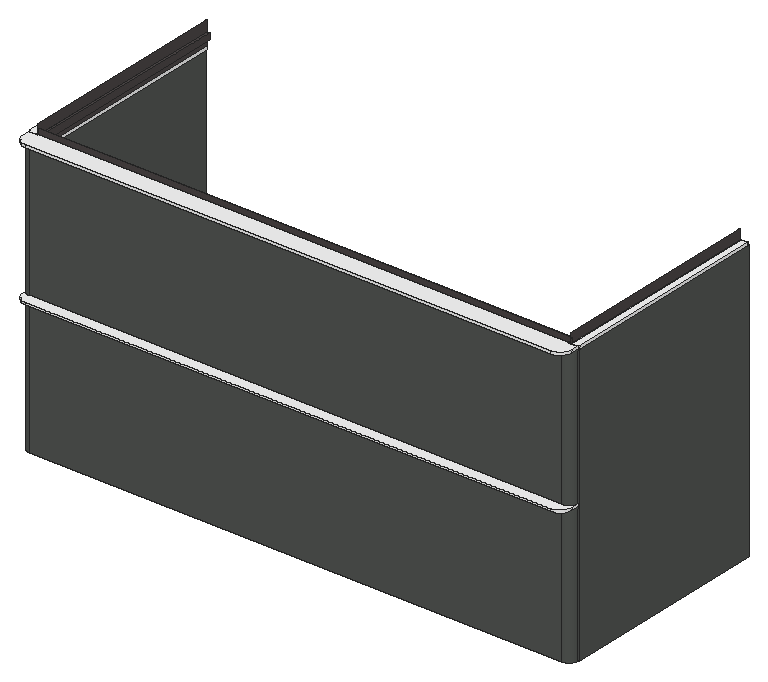
Revit family "vanity unit with 2 drawers", category Furniture, Revit 2019 (continued)
Definition of nested family "vanity unit 580_475 with 2 drawers for washbasin-54023000-high gloss white-chrome-400_content"
  Forms (mm)
    Extrusion 10, solid, visible <- "ContentVisible", detail levels medium+fine
      sketch origin (0, 0, 0) x (0, 0, -1) y (0, 1, 0)
        loop
          line (-600, -453.5) -> (-600, -455) -> (-570, -455) -> (-570, -453.5) -> (-600, -453.5)
      from -268.5 to 268.5
    Extrusion 11, solid, visible <- "ContentVisible", detail levels medium+fine
      sketch origin (0, 0, 0) x (1, 0, 0) y (0, 0, -1)
        loop
          line (-274, -566.8) -> (-274, -605) -> (-272.5, -605) -> (-272.5, -566.8) -> (-274, -566.8)
      from -455 to 0
    Extrusion 12, solid, visible <- "ContentVisible", detail levels medium+fine
      sketch origin (0, 0, 0) x (1, 0, 0) y (0, 0, -1)
        loop
          line (272.5, -566.8) -> (272.5, -605) -> (274, -605) -> (274, -566.8) -> (272.5, -566.8)
      from -455 to 0
    Extrusion 13, solid, visible <- "ContentVisible", detail levels medium+fine
      sketch origin (0, 0, 600) x (1, 0, 0) y (0, 1, 0)
        loop
          line (-290, -3) -> (-290, -452)
          arc (-290, -452) -> (-289.121, -454.121) -> (-287, -455) r 3
          line (-287, -455) -> (-274, -455) -> (-274, 0) -> (-287, 0)
          arc (-287, 0) -> (-289.121, -0.879) -> (-290, -3) r 3
      from 0 to 5
    Extrusion 14, solid, visible <- "ContentVisible", detail levels medium+fine
      sketch origin (0, 0, 600) x (1, 0, 0) y (0, 1, 0)
        loop
          line (274, 0) -> (274, -455) -> (287, -455)
          arc (287, -455) -> (289.121, -454.121) -> (290, -452) r 3
          line (290, -452) -> (290, -3)
          arc (290, -3) -> (289.121, -0.879) -> (287, 0) r 3
          line (287, 0) -> (274, 0)
      from 0 to 5
    Extrusion 15, solid, visible <- "ContentVisible", detail levels medium+fine
      sketch origin (0, 0, 0) x (1, 0, 0) y (0, 0, -1)
        loop
          line (-272.5, -575.3) -> (-272.5, -624.5) -> (-271, -624.5) -> (-271, -602.8) -> (-266.4, -602.8) -> (-266.4, -588.3) -> (-271, -588.3) -> (-271, -575.3) -> (-272.5, -575.3)
      from -453.5 to 0
    Extrusion 16, solid, visible <- "ContentVisible", detail levels medium+fine
      sketch origin (0, 0, 0) x (1, 0, 0) y (0, 0, -1)
        loop
          line (266.4, -588.3) -> (266.4, -602.8) -> (271, -602.8) -> (271, -624.5) -> (272.5, -624.5) -> (272.5, -575.3) -> (271, -575.3) -> (271, -588.3) -> (266.4, -588.3)
      from -453.5 to 0
    Extrusion 17, solid, visible <- "ContentVisible", detail levels medium+fine
      sketch origin (0, 0, 0) x (0, 0, -1) y (0, 1, 0)
        loop
          line (-616, -453.5) -> (-567, -453.5) -> (-567, -452) -> (-588.5, -452) -> (-588.5, -447.4) -> (-603, -447.4) -> (-603, -452) -> (-616, -452) -> (-616, -453.5)
      from -272.5 to 272.5
    Extrusion 18, solid, visible <- "ContentVisible", detail levels coarse
      sketch origin (0, -248, 0) x (1, 0, 0) y (0, 1, 0)
        loop
          line (-290, -248) -> (290, -248) -> (290, 248) -> (-290, 248) -> (-290, -248)
      from 0 to 624.5
  Dimensions and locks
    aligned and locked: level to plane 2
Definition of nested family "vanity unit 580_475 with 2 drawers for washbasin-54023670-high gloss white-matt_black-200_content"
  Parameters (values of type "Vanity unit 580_475 with 2 drawers for washbasin-54023670-High Gloss White-MATT_BLACK-200_Content")
    etim7_EC011381 = "EC011381"
    WEIGHT = "28.2"
    UNSPSC = "56 | Furniture and Furnishings"
    UNIFORMATII = "E2010 | Fixed Furnishings"
    UNICLASS_2015_CODE = "40_30_78_05"
    UNICLASS2015 = "Pr_40_30_78_05 | Bathroom furniture"
    SURFACE = "MATT_BLACK"
    REGIONSET = "Worldwide"
    PRODUCTURL = "https://pro.hansgrohe.com/articledetail--54023000"
    PRODUCTGROUP = "vanity unit"
    PRODUCTFAMILY = "Xelu Q"
    PERMALINK = "54023XXX"
    OMNICLASS = "23-21 19 15 33 13 | Residential Bathroom Specialty Casework"
    OBJECTTYPE = "Object (single object)"
    OBERFLAECHE = "High Gloss White"
    NN = "Vanity Unit with 2 Drawers"
    NBSYN = "$BASENUMBER.-$ARTNR.-$OBERFLAECHE.-$SURFACE.-$LODLEVEL."
    NB = "Vanity unit 580/475 with 2 drawers for washbasin-54023670-High Gloss White-MATT_BLACK-200"
    NAME = "Xelu Q Vanity unit High Gloss White 580/475 with 2 drawers for washbasin"
    Model = "Vanity unit 580/475 with 2 drawers for washbasin-54023670-High Gloss White-MATT_BLACK-200"
    Manufacturer = "Hansgrohe"
    MASTERFORMAT = "12 35 30.23 | Bathroom Casework"
    LODLEVEL = "200"
    LINA = "Vanity unit 580/475 with 2 drawers for washbasin-54023670-High Gloss White-MATT_BLACK-200"
    L = 580
    IFC = "Furnishing element"
    GTINCODE = "4059625455166"
    ETIM = "EC011381 | Bathroom furniture set"
    Default Elevation = 1219.2 mm
    DESIGN = "Germany"
    ContentVisible [instance] = yes
    CATALOG = "Hansgrohe"
    BIMOBJECT = "Sanitary: Compound units"
    BASENUMBER = "Vanity unit 580/475 with 2 drawers for washbasin"
    ARTNR = "54023670"
  Reference planes
    plane 1 "Center (Front/Back)": y = 0
    plane 2: z = 0
    plane 3 "Center (Left/Right)": x = 0
  Forms (mm)
    Extrusion 1, solid, visible <- "ContentVisible", detail levels medium+fine
      sketch origin (0, 0, 0) x (1, 0, 0) y (0, 1, 0)
        loop
          line (-290, 0) -> (-290, -476) -> (290, -476) -> (290, 0) -> (274, 0) -> (274, -72) -> (-274, -72) -> (-274, 0) -> (-290, 0)
      from 0 to 600
    Extrusion 2, solid, visible <- "ContentVisible", detail levels medium+fine
      sketch origin (0, 0, 297) x (1, 0, 0) y (0, 1, 0)
        loop
          line (-288.5, -453.5) -> (-288.5, -496) -> (288.5, -496) -> (288.5, -453.5) -> (-288.5, -453.5)
      from 0 to 5
    Extrusion 3, solid, visible <- "ContentVisible", detail levels medium+fine
      sketch origin (0, 0, 600) x (1, 0, 0) y (0, 1, 0)
        loop
          line (-288.5, -453.5) -> (-288.5, -496) -> (288.5, -496) -> (288.5, -453.5) -> (-288.5, -453.5)
      from 0 to 5
    Extrusion 4, solid, visible <- "ContentVisible", detail levels medium+fine
      sketch origin (0, 0, 0) x (1, 0, 0) y (0, 0, -1)
        loop
          line (-274, -566.8) -> (-274, -605) -> (-272.5, -605) -> (-272.5, -566.8) -> (-274, -566.8)
      from -455 to 0
    Extrusion 5, solid, visible <- "ContentVisible", detail levels medium+fine
      sketch origin (0, 0, 0) x (1, 0, 0) y (0, 0, -1)
        loop
          line (272.5, -566.8) -> (272.5, -605) -> (274, -605) -> (274, -566.8) -> (272.5, -566.8)
      from -455 to 0
    Extrusion 6, solid, visible <- "ContentVisible", detail levels medium+fine
      sketch origin (0, 0, 600) x (1, 0, 0) y (0, 1, 0)
        loop
          line (-290, 0) -> (-290, -455) -> (-274, -455) -> (-274, 0) -> (-290, 0)
      from 0 to 5
    Extrusion 7, solid, visible <- "ContentVisible", detail levels medium+fine
      sketch origin (0, 0, 600) x (1, 0, 0) y (0, 1, 0)
        loop
          line (274, 0) -> (274, -455) -> (290, -455) -> (290, 0) -> (274, 0)
      from 0 to 5
    Extrusion 8, solid, visible <- "ContentVisible", detail levels medium+fine
      sketch origin (0, 0, 0) x (1, 0, 0) y (0, 0, -1)
        loop
          line (-272.5, -575.3) -> (-272.5, -624.5) -> (-266.4, -624.5) -> (-266.4, -575.3) -> (-272.5, -575.3)
      from -453.5 to 0
    Extrusion 9, solid, visible <- "ContentVisible", detail levels medium+fine
      sketch origin (0, 0, 0) x (1, 0, 0) y (0, 0, -1)
        loop
          line (266.4, -575.3) -> (266.4, -624.5) -> (272.5, -624.5) -> (272.5, -575.3) -> (266.4, -575.3)
      from -453.5 to 0
    Extrusion 10, solid, visible <- "ContentVisible", detail levels medium+fine
      sketch origin (0, 0, 0) x (0, 0, -1) y (0, 1, 0)
        loop
          line (-616, -453.5) -> (-567, -453.5) -> (-567, -447.4) -> (-616, -447.4) -> (-616, -453.5)
      from -272.5 to 272.5
    Extrusion 11, solid, visible <- "ContentVisible", detail levels coarse
      sketch origin (0, -248, 0) x (1, 0, 0) y (0, 1, 0)
        loop
          line (-290, -248) -> (290, -248) -> (290, 248) -> (-290, 248) -> (-290, -248)
      from 0 to 624.5
  Dimensions and locks
    aligned and locked: level to plane 2
Definition of nested family "vanity unit 580_475 with 2 drawers for washbasin-54023670-high gloss white-matt_black-400_content"
  Parameters (values of type "Vanity unit 580_475 with 2 drawers for washbasin-54023670-High Gloss White-MATT_BLACK-400_Content")
    etim7_EC011381 = "EC011381"
    WEIGHT = "28.2"
    UNSPSC = "56 | Furniture and Furnishings"
    UNIFORMATII = "E2010 | Fixed Furnishings"
    UNICLASS_2015_CODE = "40_30_78_05"
    UNICLASS2015 = "Pr_40_30_78_05 | Bathroom furniture"
    SURFACE = "MATT_BLACK"
    REGIONSET = "Worldwide"
    PRODUCTURL = "https://pro.hansgrohe.com/articledetail--54023000"
    PRODUCTGROUP = "vanity unit"
    PRODUCTFAMILY = "Xelu Q"
    PERMALINK = "54023XXX"
    OMNICLASS = "23-21 19 15 33 13 | Residential Bathroom Specialty Casework"
    OBJECTTYPE = "Object (single object)"
    OBERFLAECHE = "High Gloss White"
    NN = "Vanity Unit with 2 Drawers"
    NBSYN = "$BASENUMBER.-$ARTNR.-$OBERFLAECHE.-$SURFACE.-$LODLEVEL."
    NB = "Vanity unit 580/475 with 2 drawers for washbasin-54023670-High Gloss White-MATT_BLACK-400"
    NAME = "Xelu Q Vanity unit High Gloss White 580/475 with 2 drawers for washbasin"
    Model = "Vanity unit 580/475 with 2 drawers for washbasin-54023670-High Gloss White-MATT_BLACK-400"
    Manufacturer = "Hansgrohe"
    MASTERFORMAT = "12 35 30.23 | Bathroom Casework"
    LODLEVEL = "400"
    LINA = "Vanity unit 580/475 with 2 drawers for washbasin-54023670-High Gloss White-MATT_BLACK-400"
    L = 580
    IFC = "Furnishing element"
    GTINCODE = "4059625455166"
    ETIM = "EC011381 | Bathroom furniture set"
    Default Elevation = 1219.2 mm
    DESIGN = "Germany"
    ContentVisible [instance] = yes
    CATALOG = "Hansgrohe"
    BIMOBJECT = "Sanitary: Compound units"
    BASENUMBER = "Vanity unit 580/475 with 2 drawers for washbasin"
    ARTNR = "54023670"
  Reference planes
    plane 1 "Center (Front/Back)": y = 0
    plane 2: z = 0
    plane 3 "Center (Left/Right)": x = 0
  Forms (mm)
    Extrusion 1, solid, visible <- "ContentVisible", detail levels medium+fine
      sketch origin (0, 0, 0) x (1, 0, 0) y (0, 1, 0)
        loop
          line (-290, 0) -> (-290, -452)
          arc (-290, -452) -> (-289.121, -454.121) -> (-287, -455) r 3
          line (-287, -455) -> (-274, -455) -> (-274, 0) -> (-290, 0)
      from 0 to 600
    Extrusion 2, solid, visible <- "ContentVisible", detail levels medium+fine
      sketch origin (0, 0, 2) x (1, 0, 0) y (0, 1, 0)
        loop
          line (-274, -88) -> (-274, -455) -> (274, -455) -> (274, -88) -> (-274, -88)
      from 0 to 16
    Extrusion 3, solid, visible <- "ContentVisible", detail levels medium+fine
      sketch origin (0, 0, 0) x (1, 0, 0) y (0, 1, 0)
        loop
          line (274, 0) -> (274, -455) -> (287, -455)
          arc (287, -455) -> (289.121, -454.121) -> (290, -452) r 3
          line (290, -452) -> (290, 0) -> (274, 0)
      from 0 to 600
    Extrusion 4, solid, visible <- "ContentVisible", detail levels medium+fine
      sketch origin (0, 0, 2) x (1, 0, 0) y (0, 1, 0)
        loop
          line (-274, -72) -> (-274, -88) -> (274, -88) -> (274, -72) -> (-274, -72)
      from 0 to 126
    Extrusion 5, solid, visible <- "ContentVisible", detail levels medium+fine
      sketch origin (0, 0, 2) x (1, 0, 0) y (0, 1, 0)
        loop
          arc (-290, -457) -> (-284.435, -470.435) -> (-271, -476) r 19
          line (-271, -476) -> (271, -476)
          arc (271, -476) -> (284.435, -470.435) -> (290, -457) r 19
          line (290, -457) -> (290, -455) -> (-290, -455) -> (-290, -457)
      from 0 to 295
    Extrusion 6, solid, visible <- "ContentVisible", detail levels medium+fine
      sketch origin (0, 0, 305) x (1, 0, 0) y (0, 1, 0)
        loop
          arc (-290, -457) -> (-284.435, -470.435) -> (-271, -476) r 19
          line (-271, -476) -> (271, -476)
          arc (271, -476) -> (284.435, -470.435) -> (290, -457) r 19
          line (290, -457) -> (290, -455) -> (-290, -455) -> (-290, -457)
      from 0 to 295
    Extrusion 7, solid, visible <- "ContentVisible", detail levels medium+fine
      sketch origin (0, 0, 297) x (1, 0, 0) y (0, 1, 0)
        loop
          line (-288.5, -455) -> (-288.5, -471)
          arc (-288.5, -471) -> (-281.178, -488.678) -> (-263.5, -496) r 25
          line (-263.5, -496) -> (263.5, -496)
          arc (263.5, -496) -> (281.178, -488.678) -> (288.5, -471) r 25
          line (288.5, -471) -> (288.5, -455) -> (268.5, -455) -> (268.5, -453.5) -> (-268.5, -453.5) -> (-268.5, -455) -> (-288.5, -455)
      from 0 to 5
    Extrusion 8, solid, visible <- "ContentVisible", detail levels medium+fine
      sketch origin (0, 0, 0) x (0, 0, -1) y (0, 1, 0)
        loop
          line (-297, -453.5) -> (-297, -455) -> (-267, -455) -> (-267, -453.5) -> (-297, -453.5)
      from -268.5 to 268.5
    Extrusion 9, solid, visible <- "ContentVisible", detail levels medium+fine
      sketch origin (0, 0, 600) x (1, 0, 0) y (0, 1, 0)
        loop
          line (-288.5, -455) -> (-288.5, -471)
          arc (-288.5, -471) -> (-281.178, -488.678) -> (-263.5, -496) r 25
          line (-263.5, -496) -> (263.5, -496)
          arc (263.5, -496) -> (281.178, -488.678) -> (288.5, -471) r 25
          line (288.5, -471) -> (288.5, -455) -> (268.5, -455) -> (268.5, -453.5) -> (-268.5, -453.5) -> (-268.5, -455) -> (-288.5, -455)
      from 0 to 5
    Extrusion 10, solid, visible <- "ContentVisible", detail levels medium+fine
      sketch origin (0, 0, 0) x (0, 0, -1) y (0, 1, 0)
        loop
          line (-600, -453.5) -> (-600, -455) -> (-570, -455) -> (-570, -453.5) -> (-600, -453.5)
      from -268.5 to 268.5
    Extrusion 11, solid, visible <- "ContentVisible", detail levels medium+fine
      sketch origin (0, 0, 0) x (1, 0, 0) y (0, 0, -1)
        loop
          line (-274, -566.8) -> (-274, -605) -> (-272.5, -605) -> (-272.5, -566.8) -> (-274, -566.8)
      from -455 to 0
    Extrusion 12, solid, visible <- "ContentVisible", detail levels medium+fine
      sketch origin (0, 0, 0) x (1, 0, 0) y (0, 0, -1)
        loop
          line (272.5, -566.8) -> (272.5, -605) -> (274, -605) -> (274, -566.8) -> (272.5, -566.8)
      from -455 to 0
    Extrusion 13, solid, visible <- "ContentVisible", detail levels medium+fine
      sketch origin (0, 0, 600) x (1, 0, 0) y (0, 1, 0)
        loop
          line (-290, -3) -> (-290, -452)
          arc (-290, -452) -> (-289.121, -454.121) -> (-287, -455) r 3
          line (-287, -455) -> (-274, -455) -> (-274, 0) -> (-287, 0)
          arc (-287, 0) -> (-289.121, -0.879) -> (-290, -3) r 3
      from 0 to 5
    Extrusion 14, solid, visible <- "ContentVisible", detail levels medium+fine
      sketch origin (0, 0, 600) x (1, 0, 0) y (0, 1, 0)
        loop
          line (274, 0) -> (274, -455) -> (287, -455)
          arc (287, -455) -> (289.121, -454.121) -> (290, -452) r 3
          line (290, -452) -> (290, -3)
          arc (290, -3) -> (289.121, -0.879) -> (287, 0) r 3
          line (287, 0) -> (274, 0)
      from 0 to 5
    Extrusion 15, solid, visible <- "ContentVisible", detail levels medium+fine
      sketch origin (0, 0, 0) x (1, 0, 0) y (0, 0, -1)
        loop
          line (-272.5, -575.3) -> (-272.5, -624.5) -> (-271, -624.5) -> (-271, -602.8) -> (-266.4, -602.8) -> (-266.4, -588.3) -> (-271, -588.3) -> (-271, -575.3) -> (-272.5, -575.3)
      from -453.5 to 0
    Extrusion 16, solid, visible <- "ContentVisible", detail levels medium+fine
      sketch origin (0, 0, 0) x (1, 0, 0) y (0, 0, -1)
        loop
          line (266.4, -588.3) -> (266.4, -602.8) -> (271, -602.8) -> (271, -624.5) -> (272.5, -624.5) -> (272.5, -575.3) -> (271, -575.3) -> (271, -588.3) -> (266.4, -588.3)
      from -453.5 to 0
    Extrusion 17, solid, visible <- "ContentVisible", detail levels medium+fine
      sketch origin (0, 0, 0) x (0, 0, -1) y (0, 1, 0)
        loop
          line (-616, -453.5) -> (-567, -453.5) -> (-567, -452) -> (-588.5, -452) -> (-588.5, -447.4) -> (-603, -447.4) -> (-603, -452) -> (-616, -452) -> (-616, -453.5)
      from -272.5 to 272.5
    Extrusion 18, solid, visible <- "ContentVisible", detail levels coarse
      sketch origin (0, -248, 0) x (1, 0, 0) y (0, 1, 0)
        loop
          line (-290, -248) -> (290, -248) -> (290, 248) -> (-290, 248) -> (-290, -248)
      from 0 to 624.5
  Dimensions and locks
    aligned and locked: level to plane 2
Definition of nested family "vanity unit 580_475 with 2 drawers for washbasin-54023700-high gloss white-matt_white-200_content"
  Parameters (values of type "Vanity unit 580_475 with 2 drawers for washbasin-54023700-High Gloss White-MATT_WHITE-200_Content")
    etim7_EC011381 = "EC011381"
    WEIGHT = "28.2"
    UNSPSC = "56 | Furniture and Furnishings"
    UNIFORMATII = "E2010 | Fixed Furnishings"
    UNICLASS_2015_CODE = "40_30_78_05"
    UNICLASS2015 = "Pr_40_30_78_05 | Bathroom furniture"
    SURFACE = "MATT_WHITE"
    REGIONSET = "Worldwide"
    PRODUCTURL = "https://pro.hansgrohe.com/articledetail--54023000"
    PRODUCTGROUP = "vanity unit"
    PRODUCTFAMILY = "Xelu Q"
    PERMALINK = "54023XXX"
    OMNICLASS = "23-21 19 15 33 13 | Residential Bathroom Specialty Casework"
    OBJECTTYPE = "Object (single object)"
    OBERFLAECHE = "High Gloss White"
    NN = "Vanity Unit with 2 Drawers"
    NBSYN = "$BASENUMBER.-$ARTNR.-$OBERFLAECHE.-$SURFACE.-$LODLEVEL."
    NB = "Vanity unit 580/475 with 2 drawers for washbasin-54023700-High Gloss White-MATT_WHITE-200"
    NAME = "Xelu Q Vanity unit High Gloss White 580/475 with 2 drawers for washbasin"
    Model = "Vanity unit 580/475 with 2 drawers for washbasin-54023700-High Gloss White-MATT_WHITE-200"
    Manufacturer = "Hansgrohe"
    MASTERFORMAT = "12 35 30.23 | Bathroom Casework"
    LODLEVEL = "200"
    LINA = "Vanity unit 580/475 with 2 drawers for washbasin-54023700-High Gloss White-MATT_WHITE-200"
    L = 580
    IFC = "Furnishing element"
    GTINCODE = "4059625455166"
    ETIM = "EC011381 | Bathroom furniture set"
    Default Elevation = 1219.2 mm
    DESIGN = "Germany"
    ContentVisible [instance] = yes
    CATALOG = "Hansgrohe"
    BIMOBJECT = "Sanitary: Compound units"
    BASENUMBER = "Vanity unit 580/475 with 2 drawers for washbasin"
    ARTNR = "54023700"
  Reference planes
    plane 1 "Center (Front/Back)": y = 0
    plane 2: z = 0
    plane 3 "Center (Left/Right)": x = 0
  Forms (mm)
    Extrusion 1, solid, visible <- "ContentVisible", detail levels medium+fine
      sketch origin (0, 0, 0) x (1, 0, 0) y (0, 1, 0)
        loop
          line (-290, 0) -> (-290, -476) -> (290, -476) -> (290, 0) -> (274, 0) -> (274, -72) -> (-274, -72) -> (-274, 0) -> (-290, 0)
      from 0 to 600
    Extrusion 2, solid, visible <- "ContentVisible", detail levels medium+fine
      sketch origin (0, 0, 297) x (1, 0, 0) y (0, 1, 0)
        loop
          line (-288.5, -453.5) -> (-288.5, -496) -> (288.5, -496) -> (288.5, -453.5) -> (-288.5, -453.5)
      from 0 to 5
    Extrusion 3, solid, visible <- "ContentVisible", detail levels medium+fine
      sketch origin (0, 0, 600) x (1, 0, 0) y (0, 1, 0)
        loop
          line (-288.5, -453.5) -> (-288.5, -496) -> (288.5, -496) -> (288.5, -453.5) -> (-288.5, -453.5)
      from 0 to 5
    Extrusion 4, solid, visible <- "ContentVisible", detail levels medium+fine
      sketch origin (0, 0, 0) x (1, 0, 0) y (0, 0, -1)
        loop
          line (-274, -566.8) -> (-274, -605) -> (-272.5, -605) -> (-272.5, -566.8) -> (-274, -566.8)
      from -455 to 0
    Extrusion 5, solid, visible <- "ContentVisible", detail levels medium+fine
      sketch origin (0, 0, 0) x (1, 0, 0) y (0, 0, -1)
        loop
          line (272.5, -566.8) -> (272.5, -605) -> (274, -605) -> (274, -566.8) -> (272.5, -566.8)
      from -455 to 0
    Extrusion 6, solid, visible <- "ContentVisible", detail levels medium+fine
      sketch origin (0, 0, 600) x (1, 0, 0) y (0, 1, 0)
        loop
          line (-290, 0) -> (-290, -455) -> (-274, -455) -> (-274, 0) -> (-290, 0)
      from 0 to 5
    Extrusion 7, solid, visible <- "ContentVisible", detail levels medium+fine
      sketch origin (0, 0, 600) x (1, 0, 0) y (0, 1, 0)
        loop
          line (274, 0) -> (274, -455) -> (290, -455) -> (290, 0) -> (274, 0)
      from 0 to 5
    Extrusion 8, solid, visible <- "ContentVisible", detail levels medium+fine
      sketch origin (0, 0, 0) x (1, 0, 0) y (0, 0, -1)
        loop
          line (-272.5, -575.3) -> (-272.5, -624.5) -> (-266.4, -624.5) -> (-266.4, -575.3) -> (-272.5, -575.3)
      from -453.5 to 0
    Extrusion 9, solid, visible <- "ContentVisible", detail levels medium+fine
      sketch origin (0, 0, 0) x (1, 0, 0) y (0, 0, -1)
        loop
          line (266.4, -575.3) -> (266.4, -624.5) -> (272.5, -624.5) -> (272.5, -575.3) -> (266.4, -575.3)
      from -453.5 to 0
    Extrusion 10, solid, visible <- "ContentVisible", detail levels medium+fine
      sketch origin (0, 0, 0) x (0, 0, -1) y (0, 1, 0)
        loop
          line (-616, -453.5) -> (-567, -453.5) -> (-567, -447.4) -> (-616, -447.4) -> (-616, -453.5)
      from -272.5 to 272.5
    Extrusion 11, solid, visible <- "ContentVisible", detail levels coarse
      sketch origin (0, -248, 0) x (1, 0, 0) y (0, 1, 0)
        loop
          line (-290, -248) -> (290, -248) -> (290, 248) -> (-290, 248) -> (-290, -248)
      from 0 to 624.5
  Dimensions and locks
    aligned and locked: level to plane 2
Definition of nested family "vanity unit 580_475 with 2 drawers for washbasin-54023700-high gloss white-matt_white-400_content"
  Parameters (values of type "Vanity unit 580_475 with 2 drawers for washbasin-54023700-High Gloss White-MATT_WHITE-400_Content")
    etim7_EC011381 = "EC011381"
    WEIGHT = "28.2"
    UNSPSC = "56 | Furniture and Furnishings"
    UNIFORMATII = "E2010 | Fixed Furnishings"
    UNICLASS_2015_CODE = "40_30_78_05"
    UNICLASS2015 = "Pr_40_30_78_05 | Bathroom furniture"
    SURFACE = "MATT_WHITE"
    REGIONSET = "Worldwide"
    PRODUCTURL = "https://pro.hansgrohe.com/articledetail--54023000"
    PRODUCTGROUP = "vanity unit"
    PRODUCTFAMILY = "Xelu Q"
    PERMALINK = "54023XXX"
    OMNICLASS = "23-21 19 15 33 13 | Residential Bathroom Specialty Casework"
    OBJECTTYPE = "Object (single object)"
    OBERFLAECHE = "High Gloss White"
    NN = "Vanity Unit with 2 Drawers"
    NBSYN = "$BASENUMBER.-$ARTNR.-$OBERFLAECHE.-$SURFACE.-$LODLEVEL."
    NB = "Vanity unit 580/475 with 2 drawers for washbasin-54023700-High Gloss White-MATT_WHITE-400"
    NAME = "Xelu Q Vanity unit High Gloss White 580/475 with 2 drawers for washbasin"
    Model = "Vanity unit 580/475 with 2 drawers for washbasin-54023700-High Gloss White-MATT_WHITE-400"
    Manufacturer = "Hansgrohe"
    MASTERFORMAT = "12 35 30.23 | Bathroom Casework"
    LODLEVEL = "400"
    LINA = "Vanity unit 580/475 with 2 drawers for washbasin-54023700-High Gloss White-MATT_WHITE-400"
    L = 580
    IFC = "Furnishing element"
    GTINCODE = "4059625455166"
    ETIM = "EC011381 | Bathroom furniture set"
    Default Elevation = 1219.2 mm
    DESIGN = "Germany"
    ContentVisible [instance] = yes
    CATALOG = "Hansgrohe"
    BIMOBJECT = "Sanitary: Compound units"
    BASENUMBER = "Vanity unit 580/475 with 2 drawers for washbasin"
    ARTNR = "54023700"
  Reference planes
    plane 1 "Center (Front/Back)": y = 0
    plane 2: z = 0
    plane 3 "Center (Left/Right)": x = 0
  Forms (mm)
    Extrusion 1, solid, visible <- "ContentVisible", detail levels medium+fine
      sketch origin (0, 0, 0) x (1, 0, 0) y (0, 1, 0)
        loop
          line (-290, 0) -> (-290, -452)
          arc (-290, -452) -> (-289.121, -454.121) -> (-287, -455) r 3
          line (-287, -455) -> (-274, -455) -> (-274, 0) -> (-290, 0)
      from 0 to 600
    Extrusion 2, solid, visible <- "ContentVisible", detail levels medium+fine
      sketch origin (0, 0, 2) x (1, 0, 0) y (0, 1, 0)
        loop
          line (-274, -88) -> (-274, -455) -> (274, -455) -> (274, -88) -> (-274, -88)
      from 0 to 16
    Extrusion 3, solid, visible <- "ContentVisible", detail levels medium+fine
      sketch origin (0, 0, 0) x (1, 0, 0) y (0, 1, 0)
        loop
          line (274, 0) -> (274, -455) -> (287, -455)
          arc (287, -455) -> (289.121, -454.121) -> (290, -452) r 3
          line (290, -452) -> (290, 0) -> (274, 0)
      from 0 to 600
    Extrusion 4, solid, visible <- "ContentVisible", detail levels medium+fine
      sketch origin (0, 0, 2) x (1, 0, 0) y (0, 1, 0)
        loop
          line (-274, -72) -> (-274, -88) -> (274, -88) -> (274, -72) -> (-274, -72)
      from 0 to 126
    Extrusion 5, solid, visible <- "ContentVisible", detail levels medium+fine
      sketch origin (0, 0, 2) x (1, 0, 0) y (0, 1, 0)
        loop
          arc (-290, -457) -> (-284.435, -470.435) -> (-271, -476) r 19
          line (-271, -476) -> (271, -476)
          arc (271, -476) -> (284.435, -470.435) -> (290, -457) r 19
          line (290, -457) -> (290, -455) -> (-290, -455) -> (-290, -457)
      from 0 to 295
    Extrusion 6, solid, visible <- "ContentVisible", detail levels medium+fine
      sketch origin (0, 0, 305) x (1, 0, 0) y (0, 1, 0)
        loop
          arc (-290, -457) -> (-284.435, -470.435) -> (-271, -476) r 19
          line (-271, -476) -> (271, -476)
          arc (271, -476) -> (284.435, -470.435) -> (290, -457) r 19
          line (290, -457) -> (290, -455) -> (-290, -455) -> (-290, -457)
      from 0 to 295
    Extrusion 7, solid, visible <- "ContentVisible", detail levels medium+fine
      sketch origin (0, 0, 297) x (1, 0, 0) y (0, 1, 0)
        loop
          line (-288.5, -455) -> (-288.5, -471)
          arc (-288.5, -471) -> (-281.178, -488.678) -> (-263.5, -496) r 25
          line (-263.5, -496) -> (263.5, -496)
          arc (263.5, -496) -> (281.178, -488.678) -> (288.5, -471) r 25
          line (288.5, -471) -> (288.5, -455) -> (268.5, -455) -> (268.5, -453.5) -> (-268.5, -453.5) -> (-268.5, -455) -> (-288.5, -455)
      from 0 to 5
    Extrusion 8, solid, visible <- "ContentVisible", detail levels medium+fine
      sketch origin (0, 0, 0) x (0, 0, -1) y (0, 1, 0)
        loop
          line (-297, -453.5) -> (-297, -455) -> (-267, -455) -> (-267, -453.5) -> (-297, -453.5)
      from -268.5 to 268.5
    Extrusion 9, solid, visible <- "ContentVisible", detail levels medium+fine
      sketch origin (0, 0, 600) x (1, 0, 0) y (0, 1, 0)
        loop
          line (-288.5, -455) -> (-288.5, -471)
          arc (-288.5, -471) -> (-281.178, -488.678) -> (-263.5, -496) r 25
          line (-263.5, -496) -> (263.5, -496)
          arc (263.5, -496) -> (281.178, -488.678) -> (288.5, -471) r 25
          line (288.5, -471) -> (288.5, -455) -> (268.5, -455) -> (268.5, -453.5) -> (-268.5, -453.5) -> (-268.5, -455) -> (-288.5, -455)
      from 0 to 5
    Extrusion 10, solid, visible <- "ContentVisible", detail levels medium+fine
      sketch origin (0, 0, 0) x (0, 0, -1) y (0, 1, 0)
        loop
          line (-600, -453.5) -> (-600, -455) -> (-570, -455) -> (-570, -453.5) -> (-600, -453.5)
      from -268.5 to 268.5
    Extrusion 11, solid, visible <- "ContentVisible", detail levels medium+fine
      sketch origin (0, 0, 0) x (1, 0, 0) y (0, 0, -1)
        loop
          line (-274, -566.8) -> (-274, -605) -> (-272.5, -605) -> (-272.5, -566.8) -> (-274, -566.8)
      from -455 to 0
    Extrusion 12, solid, visible <- "ContentVisible", detail levels medium+fine
      sketch origin (0, 0, 0) x (1, 0, 0) y (0, 0, -1)
        loop
          line (272.5, -566.8) -> (272.5, -605) -> (274, -605) -> (274, -566.8) -> (272.5, -566.8)
      from -455 to 0
    Extrusion 13, solid, visible <- "ContentVisible", detail levels medium+fine
      sketch origin (0, 0, 600) x (1, 0, 0) y (0, 1, 0)
        loop
          line (-290, -3) -> (-290, -452)
          arc (-290, -452) -> (-289.121, -454.121) -> (-287, -455) r 3
          line (-287, -455) -> (-274, -455) -> (-274, 0) -> (-287, 0)
          arc (-287, 0) -> (-289.121, -0.879) -> (-290, -3) r 3
      from 0 to 5
    Extrusion 14, solid, visible <- "ContentVisible", detail levels medium+fine
      sketch origin (0, 0, 600) x (1, 0, 0) y (0, 1, 0)
        loop
          line (274, 0) -> (274, -455) -> (287, -455)
          arc (287, -455) -> (289.121, -454.121) -> (290, -452) r 3
          line (290, -452) -> (290, -3)
          arc (290, -3) -> (289.121, -0.879) -> (287, 0) r 3
          line (287, 0) -> (274, 0)
      from 0 to 5
    Extrusion 15, solid, visible <- "ContentVisible", detail levels medium+fine
      sketch origin (0, 0, 0) x (1, 0, 0) y (0, 0, -1)
        loop
          line (-272.5, -575.3) -> (-272.5, -624.5) -> (-271, -624.5) -> (-271, -602.8) -> (-266.4, -602.8) -> (-266.4, -588.3) -> (-271, -588.3) -> (-271, -575.3) -> (-272.5, -575.3)
      from -453.5 to 0
    Extrusion 16, solid, visible <- "ContentVisible", detail levels medium+fine
      sketch origin (0, 0, 0) x (1, 0, 0) y (0, 0, -1)
        loop
          line (266.4, -588.3) -> (266.4, -602.8) -> (271, -602.8) -> (271, -624.5) -> (272.5, -624.5) -> (272.5, -575.3) -> (271, -575.3) -> (271, -588.3) -> (266.4, -588.3)
      from -453.5 to 0
    Extrusion 17, solid, visible <- "ContentVisible", detail levels medium+fine
      sketch origin (0, 0, 0) x (0, 0, -1) y (0, 1, 0)
        loop
          line (-616, -453.5) -> (-567, -453.5) -> (-567, -452) -> (-588.5, -452) -> (-588.5, -447.4) -> (-603, -447.4) -> (-603, -452) -> (-616, -452) -> (-616, -453.5)
      from -272.5 to 272.5
    Extrusion 18, solid, visible <- "ContentVisible", detail levels coarse
      sketch origin (0, -248, 0) x (1, 0, 0) y (0, 1, 0)
        loop
          line (-290, -248) -> (290, -248) -> (290, 248) -> (-290, 248) -> (-290, -248)
      from 0 to 624.5
  Dimensions and locks
    aligned and locked: level to plane 2
Definition of nested family "vanity unit 580_475 with 2 drawers for washbasin-54024000-diamond matt grey-chrome-200_content"
  Parameters (values of type "Vanity unit 580_475 with 2 drawers for washbasin-54024000-Diamond Matt Grey-CHROME-200_Content")
    etim7_EC011381 = "EC011381"
    WEIGHT = "28.2"
    UNSPSC = "56 | Furniture and Furnishings"
    UNIFORMATII = "E2010 | Fixed Furnishings"
    UNICLASS_2015_CODE = "40_30_78_05"
    UNICLASS2015 = "Pr_40_30_78_05 | Bathroom furniture"
    SURFACE = "CHROME"
    REGIONSET = "Worldwide"
    PRODUCTURL = "https://pro.hansgrohe.com/articledetail--54024000"
    PRODUCTGROUP = "vanity unit"
    PRODUCTFAMILY = "Xelu Q"
    PERMALINK = "54024XXX"
    OMNICLASS = "23-21 19 15 33 13 | Residential Bathroom Specialty Casework"
    OBJECTTYPE = "Object (single object)"
    OBERFLAECHE = "Diamond Matt Grey"
    NN = "Vanity Unit with 2 Drawers"
    NBSYN = "$BASENUMBER.-$ARTNR.-$OBERFLAECHE.-$SURFACE.-$LODLEVEL."
    NB = "Vanity unit 580/475 with 2 drawers for washbasin-54024000-Diamond Matt Grey-CHROME-200"
    NAME = "Xelu Q Vanity unit Diamond Matt Grey 580/475 with 2 drawers for washbasin"
    Model = "Vanity unit 580/475 with 2 drawers for washbasin-54024000-Diamond Matt Grey-CHROME-200"
    Manufacturer = "Hansgrohe"
    MASTERFORMAT = "12 35 30.23 | Bathroom Casework"
    LODLEVEL = "200"
    LINA = "Vanity unit 580/475 with 2 drawers for washbasin-54024000-Diamond Matt Grey-CHROME-200"
    L = 580
    IFC = "Furnishing element"
    GTINCODE = "4059625455630"
    ETIM = "EC011381 | Bathroom furniture set"
    Default Elevation = 1219.2 mm
    DESIGN = "Germany"
    ContentVisible [instance] = yes
    CATALOG = "Hansgrohe"
    BIMOBJECT = "Sanitary: Compound units"
    BASENUMBER = "Vanity unit 580/475 with 2 drawers for washbasin"
    ARTNR = "54024000"
  Reference planes
    plane 1 "Center (Front/Back)": y = 0
    plane 2: z = 0
    plane 3 "Center (Left/Right)": x = 0
  Forms (mm)
    Extrusion 1, solid, visible <- "ContentVisible", detail levels medium+fine
      sketch origin (0, 0, 0) x (1, 0, 0) y (0, 1, 0)
        loop
          line (-290, 0) -> (-290, -476) -> (290, -476) -> (290, 0) -> (274, 0) -> (274, -72) -> (-274, -72) -> (-274, 0) -> (-290, 0)
      from 0 to 600
    Extrusion 2, solid, visible <- "ContentVisible", detail levels medium+fine
      sketch origin (0, 0, 297) x (1, 0, 0) y (0, 1, 0)
        loop
          line (-288.5, -453.5) -> (-288.5, -496) -> (288.5, -496) -> (288.5, -453.5) -> (-288.5, -453.5)
      from 0 to 5
    Extrusion 3, solid, visible <- "ContentVisible", detail levels medium+fine
      sketch origin (0, 0, 600) x (1, 0, 0) y (0, 1, 0)
        loop
          line (-288.5, -453.5) -> (-288.5, -496) -> (288.5, -496) -> (288.5, -453.5) -> (-288.5, -453.5)
      from 0 to 5
    Extrusion 4, solid, visible <- "ContentVisible", detail levels medium+fine
      sketch origin (0, 0, 0) x (1, 0, 0) y (0, 0, -1)
        loop
          line (-274, -566.8) -> (-274, -605) -> (-272.5, -605) -> (-272.5, -566.8) -> (-274, -566.8)
      from -455 to 0
    Extrusion 5, solid, visible <- "ContentVisible", detail levels medium+fine
      sketch origin (0, 0, 0) x (1, 0, 0) y (0, 0, -1)
        loop
          line (272.5, -566.8) -> (272.5, -605) -> (274, -605) -> (274, -566.8) -> (272.5, -566.8)
      from -455 to 0
    Extrusion 6, solid, visible <- "ContentVisible", detail levels medium+fine
      sketch origin (0, 0, 600) x (1, 0, 0) y (0, 1, 0)
        loop
          line (-290, 0) -> (-290, -455) -> (-274, -455) -> (-274, 0) -> (-290, 0)
      from 0 to 5
    Extrusion 7, solid, visible <- "ContentVisible", detail levels medium+fine
      sketch origin (0, 0, 600) x (1, 0, 0) y (0, 1, 0)
        loop
          line (274, 0) -> (274, -455) -> (290, -455) -> (290, 0) -> (274, 0)
      from 0 to 5
    Extrusion 8, solid, visible <- "ContentVisible", detail levels medium+fine
      sketch origin (0, 0, 0) x (1, 0, 0) y (0, 0, -1)
        loop
          line (-272.5, -575.3) -> (-272.5, -624.5) -> (-266.4, -624.5) -> (-266.4, -575.3) -> (-272.5, -575.3)
      from -453.5 to 0
    Extrusion 9, solid, visible <- "ContentVisible", detail levels medium+fine
      sketch origin (0, 0, 0) x (1, 0, 0) y (0, 0, -1)
        loop
          line (266.4, -575.3) -> (266.4, -624.5) -> (272.5, -624.5) -> (272.5, -575.3) -> (266.4, -575.3)
      from -453.5 to 0
    Extrusion 10, solid, visible <- "ContentVisible", detail levels medium+fine
      sketch origin (0, 0, 0) x (0, 0, -1) y (0, 1, 0)
        loop
          line (-616, -453.5) -> (-567, -453.5) -> (-567, -447.4) -> (-616, -447.4) -> (-616, -453.5)
      from -272.5 to 272.5
    Extrusion 11, solid, visible <- "ContentVisible", detail levels coarse
      sketch origin (0, -248, 0) x (1, 0, 0) y (0, 1, 0)
        loop
          line (-290, -248) -> (290, -248) -> (290, 248) -> (-290, 248) -> (-290, -248)
      from 0 to 624.5
  Dimensions and locks
    aligned and locked: level to plane 2
Definition of nested family "vanity unit 580_475 with 2 drawers for washbasin-54024000-diamond matt grey-chrome-400_content"
  Parameters (values of type "Vanity unit 580_475 with 2 drawers for washbasin-54024000-Diamond Matt Grey-CHROME-400_Content")
    etim7_EC011381 = "EC011381"
    WEIGHT = "28.2"
    UNSPSC = "56 | Furniture and Furnishings"
    UNIFORMATII = "E2010 | Fixed Furnishings"
    UNICLASS_2015_CODE = "40_30_78_05"
    UNICLASS2015 = "Pr_40_30_78_05 | Bathroom furniture"
    SURFACE = "CHROME"
    REGIONSET = "Worldwide"
    PRODUCTURL = "https://pro.hansgrohe.com/articledetail--54024000"
    PRODUCTGROUP = "vanity unit"
    PRODUCTFAMILY = "Xelu Q"
    PERMALINK = "54024XXX"
    OMNICLASS = "23-21 19 15 33 13 | Residential Bathroom Specialty Casework"
    OBJECTTYPE = "Object (single object)"
    OBERFLAECHE = "Diamond Matt Grey"
    NN = "Vanity Unit with 2 Drawers"
    NBSYN = "$BASENUMBER.-$ARTNR.-$OBERFLAECHE.-$SURFACE.-$LODLEVEL."
    NB = "Vanity unit 580/475 with 2 drawers for washbasin-54024000-Diamond Matt Grey-CHROME-400"
    NAME = "Xelu Q Vanity unit Diamond Matt Grey 580/475 with 2 drawers for washbasin"
    Model = "Vanity unit 580/475 with 2 drawers for washbasin-54024000-Diamond Matt Grey-CHROME-400"
    Manufacturer = "Hansgrohe"
    MASTERFORMAT = "12 35 30.23 | Bathroom Casework"
    LODLEVEL = "400"
    LINA = "Vanity unit 580/475 with 2 drawers for washbasin-54024000-Diamond Matt Grey-CHROME-400"
    L = 580
    IFC = "Furnishing element"
    GTINCODE = "4059625455630"
    ETIM = "EC011381 | Bathroom furniture set"
    Default Elevation = 1219.2 mm
    DESIGN = "Germany"
    ContentVisible [instance] = yes
    CATALOG = "Hansgrohe"
    BIMOBJECT = "Sanitary: Compound units"
    BASENUMBER = "Vanity unit 580/475 with 2 drawers for washbasin"
    ARTNR = "54024000"
  Reference planes
    plane 1 "Center (Front/Back)": y = 0
    plane 2: z = 0
    plane 3 "Center (Left/Right)": x = 0
  Forms (mm)
    Extrusion 1, solid, visible <- "ContentVisible", detail levels medium+fine
      sketch origin (0, 0, 0) x (1, 0, 0) y (0, 1, 0)
        loop
          line (-290, 0) -> (-290, -452)
          arc (-290, -452) -> (-289.121, -454.121) -> (-287, -455) r 3
          line (-287, -455) -> (-274, -455) -> (-274, 0) -> (-290, 0)
      from 0 to 600
    Extrusion 2, solid, visible <- "ContentVisible", detail levels medium+fine
      sketch origin (0, 0, 2) x (1, 0, 0) y (0, 1, 0)
        loop
          line (-274, -88) -> (-274, -455) -> (274, -455) -> (274, -88) -> (-274, -88)
      from 0 to 16
    Extrusion 3, solid, visible <- "ContentVisible", detail levels medium+fine
      sketch origin (0, 0, 0) x (1, 0, 0) y (0, 1, 0)
        loop
          line (274, 0) -> (274, -455) -> (287, -455)
          arc (287, -455) -> (289.121, -454.121) -> (290, -452) r 3
          line (290, -452) -> (290, 0) -> (274, 0)
      from 0 to 600
    Extrusion 4, solid, visible <- "ContentVisible", detail levels medium+fine
      sketch origin (0, 0, 2) x (1, 0, 0) y (0, 1, 0)
        loop
          line (-274, -72) -> (-274, -88) -> (274, -88) -> (274, -72) -> (-274, -72)
      from 0 to 126
    Extrusion 5, solid, visible <- "ContentVisible", detail levels medium+fine
      sketch origin (0, 0, 2) x (1, 0, 0) y (0, 1, 0)
        loop
          arc (-290, -457) -> (-284.435, -470.435) -> (-271, -476) r 19
          line (-271, -476) -> (271, -476)
          arc (271, -476) -> (284.435, -470.435) -> (290, -457) r 19
          line (290, -457) -> (290, -455) -> (-290, -455) -> (-290, -457)
      from 0 to 295
    Extrusion 6, solid, visible <- "ContentVisible", detail levels medium+fine
      sketch origin (0, 0, 305) x (1, 0, 0) y (0, 1, 0)
        loop
          arc (-290, -457) -> (-284.435, -470.435) -> (-271, -476) r 19
          line (-271, -476) -> (271, -476)
          arc (271, -476) -> (284.435, -470.435) -> (290, -457) r 19
          line (290, -457) -> (290, -455) -> (-290, -455) -> (-290, -457)
      from 0 to 295
    Extrusion 7, solid, visible <- "ContentVisible", detail levels medium+fine
      sketch origin (0, 0, 297) x (1, 0, 0) y (0, 1, 0)
        loop
          line (-288.5, -455) -> (-288.5, -471)
          arc (-288.5, -471) -> (-281.178, -488.678) -> (-263.5, -496) r 25
          line (-263.5, -496) -> (263.5, -496)
          arc (263.5, -496) -> (281.178, -488.678) -> (288.5, -471) r 25
          line (288.5, -471) -> (288.5, -455) -> (268.5, -455) -> (268.5, -453.5) -> (-268.5, -453.5) -> (-268.5, -455) -> (-288.5, -455)
      from 0 to 5
    Extrusion 8, solid, visible <- "ContentVisible", detail levels medium+fine
      sketch origin (0, 0, 0) x (0, 0, -1) y (0, 1, 0)
        loop
          line (-297, -453.5) -> (-297, -455) -> (-267, -455) -> (-267, -453.5) -> (-297, -453.5)
      from -268.5 to 268.5
    Extrusion 9, solid, visible <- "ContentVisible", detail levels medium+fine
      sketch origin (0, 0, 600) x (1, 0, 0) y (0, 1, 0)
        loop
          line (-288.5, -455) -> (-288.5, -471)
          arc (-288.5, -471) -> (-281.178, -488.678) -> (-263.5, -496) r 25
          line (-263.5, -496) -> (263.5, -496)
          arc (263.5, -496) -> (281.178, -488.678) -> (288.5, -471) r 25
          line (288.5, -471) -> (288.5, -455) -> (268.5, -455) -> (268.5, -453.5) -> (-268.5, -453.5) -> (-268.5, -455) -> (-288.5, -455)
      from 0 to 5
    Extrusion 10, solid, visible <- "ContentVisible", detail levels medium+fine
      sketch origin (0, 0, 0) x (0, 0, -1) y (0, 1, 0)
        loop
          line (-600, -453.5) -> (-600, -455) -> (-570, -455) -> (-570, -453.5) -> (-600, -453.5)
      from -268.5 to 268.5
    Extrusion 11, solid, visible <- "ContentVisible", detail levels medium+fine
      sketch origin (0, 0, 0) x (1, 0, 0) y (0, 0, -1)
        loop
          line (-274, -566.8) -> (-274, -605) -> (-272.5, -605) -> (-272.5, -566.8) -> (-274, -566.8)
      from -455 to 0
    Extrusion 12, solid, visible <- "ContentVisible", detail levels medium+fine
      sketch origin (0, 0, 0) x (1, 0, 0) y (0, 0, -1)
        loop
          line (272.5, -566.8) -> (272.5, -605) -> (274, -605) -> (274, -566.8) -> (272.5, -566.8)
      from -455 to 0
    Extrusion 13, solid, visible <- "ContentVisible", detail levels medium+fine
      sketch origin (0, 0, 600) x (1, 0, 0) y (0, 1, 0)
        loop
          line (-290, -3) -> (-290, -452)
          arc (-290, -452) -> (-289.121, -454.121) -> (-287, -455) r 3
          line (-287, -455) -> (-274, -455) -> (-274, 0) -> (-287, 0)
          arc (-287, 0) -> (-289.121, -0.879) -> (-290, -3) r 3
      from 0 to 5
    Extrusion 14, solid, visible <- "ContentVisible", detail levels medium+fine
      sketch origin (0, 0, 600) x (1, 0, 0) y (0, 1, 0)
        loop
          line (274, 0) -> (274, -455) -> (287, -455)
          arc (287, -455) -> (289.121, -454.121) -> (290, -452) r 3
          line (290, -452) -> (290, -3)
          arc (290, -3) -> (289.121, -0.879) -> (287, 0) r 3
          line (287, 0) -> (274, 0)
      from 0 to 5
    Extrusion 15, solid, visible <- "ContentVisible", detail levels medium+fine
      sketch origin (0, 0, 0) x (1, 0, 0) y (0, 0, -1)
        loop
          line (-272.5, -575.3) -> (-272.5, -624.5) -> (-271, -624.5) -> (-271, -602.8) -> (-266.4, -602.8) -> (-266.4, -588.3) -> (-271, -588.3) -> (-271, -575.3) -> (-272.5, -575.3)
      from -453.5 to 0
    Extrusion 16, solid, visible <- "ContentVisible", detail levels medium+fine
      sketch origin (0, 0, 0) x (1, 0, 0) y (0, 0, -1)
        loop
          line (266.4, -588.3) -> (266.4, -602.8) -> (271, -602.8) -> (271, -624.5) -> (272.5, -624.5) -> (272.5, -575.3) -> (271, -575.3) -> (271, -588.3) -> (266.4, -588.3)
      from -453.5 to 0
    Extrusion 17, solid, visible <- "ContentVisible", detail levels medium+fine
      sketch origin (0, 0, 0) x (0, 0, -1) y (0, 1, 0)
        loop
          line (-616, -453.5) -> (-567, -453.5) -> (-567, -452) -> (-588.5, -452) -> (-588.5, -447.4) -> (-603, -447.4) -> (-603, -452) -> (-616, -452) -> (-616, -453.5)
      from -272.5 to 272.5
    Extrusion 18, solid, visible <- "ContentVisible", detail levels coarse
      sketch origin (0, -248, 0) x (1, 0, 0) y (0, 1, 0)
        loop
          line (-290, -248) -> (290, -248) -> (290, 248) -> (-290, 248) -> (-290, -248)
      from 0 to 624.5
  Dimensions and locks
    aligned and locked: level to plane 2
Definition of nested family "vanity unit 580_475 with 2 drawers for washbasin-54024670-diamond matt grey-matt_black-200_content"
  Parameters (values of type "Vanity unit 580_475 with 2 drawers for washbasin-54024670-Diamond Matt Grey-MATT_BLACK-200_Content")
    etim7_EC011381 = "EC011381"
    WEIGHT = "28.2"
    UNSPSC = "56 | Furniture and Furnishings"
    UNIFORMATII = "E2010 | Fixed Furnishings"
    UNICLASS_2015_CODE = "40_30_78_05"
    UNICLASS2015 = "Pr_40_30_78_05 | Bathroom furniture"
    SURFACE = "MATT_BLACK"
    REGIONSET = "Worldwide"
    PRODUCTURL = "https://pro.hansgrohe.com/articledetail--54024000"
    PRODUCTGROUP = "vanity unit"
    PRODUCTFAMILY = "Xelu Q"
    PERMALINK = "54024XXX"
    OMNICLASS = "23-21 19 15 33 13 | Residential Bathroom Specialty Casework"
    OBJECTTYPE = "Object (single object)"
    OBERFLAECHE = "Diamond Matt Grey"
    NN = "Vanity Unit with 2 Drawers"
    NBSYN = "$BASENUMBER.-$ARTNR.-$OBERFLAECHE.-$SURFACE.-$LODLEVEL."
    NB = "Vanity unit 580/475 with 2 drawers for washbasin-54024670-Diamond Matt Grey-MATT_BLACK-200"
    NAME = "Xelu Q Vanity unit Diamond Matt Grey 580/475 with 2 drawers for washbasin"
    Model = "Vanity unit 580/475 with 2 drawers for washbasin-54024670-Diamond Matt Grey-MATT_BLACK-200"
    Manufacturer = "Hansgrohe"
    MASTERFORMAT = "12 35 30.23 | Bathroom Casework"
    LODLEVEL = "200"
    LINA = "Vanity unit 580/475 with 2 drawers for washbasin-54024670-Diamond Matt Grey-MATT_BLACK-200"
    L = 580
    IFC = "Furnishing element"
    GTINCODE = "4059625455630"
    ETIM = "EC011381 | Bathroom furniture set"
    Default Elevation = 1219.2 mm
    DESIGN = "Germany"
    ContentVisible [instance] = yes
    CATALOG = "Hansgrohe"
    BIMOBJECT = "Sanitary: Compound units"
    BASENUMBER = "Vanity unit 580/475 with 2 drawers for washbasin"
    ARTNR = "54024670"
  Reference planes
    plane 1 "Center (Front/Back)": y = 0
    plane 2: z = 0
    plane 3 "Center (Left/Right)": x = 0
  Forms (mm)
    Extrusion 1, solid, visible <- "ContentVisible", detail levels medium+fine
      sketch origin (0, 0, 0) x (1, 0, 0) y (0, 1, 0)
        loop
          line (-290, 0) -> (-290, -476) -> (290, -476) -> (290, 0) -> (274, 0) -> (274, -72) -> (-274, -72) -> (-274, 0) -> (-290, 0)
      from 0 to 600
    Extrusion 2, solid, visible <- "ContentVisible", detail levels medium+fine
      sketch origin (0, 0, 297) x (1, 0, 0) y (0, 1, 0)
        loop
          line (-288.5, -453.5) -> (-288.5, -496) -> (288.5, -496) -> (288.5, -453.5) -> (-288.5, -453.5)
      from 0 to 5
    Extrusion 3, solid, visible <- "ContentVisible", detail levels medium+fine
      sketch origin (0, 0, 600) x (1, 0, 0) y (0, 1, 0)
        loop
          line (-288.5, -453.5) -> (-288.5, -496) -> (288.5, -496) -> (288.5, -453.5) -> (-288.5, -453.5)
      from 0 to 5
    Extrusion 4, solid, visible <- "ContentVisible", detail levels medium+fine
      sketch origin (0, 0, 0) x (1, 0, 0) y (0, 0, -1)
        loop
          line (-274, -566.8) -> (-274, -605) -> (-272.5, -605) -> (-272.5, -566.8) -> (-274, -566.8)
      from -455 to 0
    Extrusion 5, solid, visible <- "ContentVisible", detail levels medium+fine
      sketch origin (0, 0, 0) x (1, 0, 0) y (0, 0, -1)
        loop
          line (272.5, -566.8) -> (272.5, -605) -> (274, -605) -> (274, -566.8) -> (272.5, -566.8)
      from -455 to 0
    Extrusion 6, solid, visible <- "ContentVisible", detail levels medium+fine
      sketch origin (0, 0, 600) x (1, 0, 0) y (0, 1, 0)
        loop
          line (-290, 0) -> (-290, -455) -> (-274, -455) -> (-274, 0) -> (-290, 0)
      from 0 to 5
    Extrusion 7, solid, visible <- "ContentVisible", detail levels medium+fine
      sketch origin (0, 0, 600) x (1, 0, 0) y (0, 1, 0)
        loop
          line (274, 0) -> (274, -455) -> (290, -455) -> (290, 0) -> (274, 0)
      from 0 to 5
    Extrusion 8, solid, visible <- "ContentVisible", detail levels medium+fine
      sketch origin (0, 0, 0) x (1, 0, 0) y (0, 0, -1)
        loop
          line (-272.5, -575.3) -> (-272.5, -624.5) -> (-266.4, -624.5) -> (-266.4, -575.3) -> (-272.5, -575.3)
      from -453.5 to 0
    Extrusion 9, solid, visible <- "ContentVisible", detail levels medium+fine
      sketch origin (0, 0, 0) x (1, 0, 0) y (0, 0, -1)
        loop
          line (266.4, -575.3) -> (266.4, -624.5) -> (272.5, -624.5) -> (272.5, -575.3) -> (266.4, -575.3)
      from -453.5 to 0
    Extrusion 10, solid, visible <- "ContentVisible", detail levels medium+fine
      sketch origin (0, 0, 0) x (0, 0, -1) y (0, 1, 0)
        loop
          line (-616, -453.5) -> (-567, -453.5) -> (-567, -447.4) -> (-616, -447.4) -> (-616, -453.5)
      from -272.5 to 272.5
    Extrusion 11, solid, visible <- "ContentVisible", detail levels coarse
      sketch origin (0, -248, 0) x (1, 0, 0) y (0, 1, 0)
        loop
          line (-290, -248) -> (290, -248) -> (290, 248) -> (-290, 248) -> (-290, -248)
      from 0 to 624.5
  Dimensions and locks
    aligned and locked: level to plane 2
Definition of nested family "vanity unit 580_475 with 2 drawers for washbasin-54024670-diamond matt grey-matt_black-400_content"
  Parameters (values of type "Vanity unit 580_475 with 2 drawers for washbasin-54024670-Diamond Matt Grey-MATT_BLACK-400_Content")
    etim7_EC011381 = "EC011381"
    WEIGHT = "28.2"
    UNSPSC = "56 | Furniture and Furnishings"
    UNIFORMATII = "E2010 | Fixed Furnishings"
    UNICLASS_2015_CODE = "40_30_78_05"
    UNICLASS2015 = "Pr_40_30_78_05 | Bathroom furniture"
    SURFACE = "MATT_BLACK"
    REGIONSET = "Worldwide"
    PRODUCTURL = "https://pro.hansgrohe.com/articledetail--54024000"
    PRODUCTGROUP = "vanity unit"
    PRODUCTFAMILY = "Xelu Q"
    PERMALINK = "54024XXX"
    OMNICLASS = "23-21 19 15 33 13 | Residential Bathroom Specialty Casework"
    OBJECTTYPE = "Object (single object)"
    OBERFLAECHE = "Diamond Matt Grey"
    NN = "Vanity Unit with 2 Drawers"
    NBSYN = "$BASENUMBER.-$ARTNR.-$OBERFLAECHE.-$SURFACE.-$LODLEVEL."
    NB = "Vanity unit 580/475 with 2 drawers for washbasin-54024670-Diamond Matt Grey-MATT_BLACK-400"
    NAME = "Xelu Q Vanity unit Diamond Matt Grey 580/475 with 2 drawers for washbasin"
    Model = "Vanity unit 580/475 with 2 drawers for washbasin-54024670-Diamond Matt Grey-MATT_BLACK-400"
    Manufacturer = "Hansgrohe"
    MASTERFORMAT = "12 35 30.23 | Bathroom Casework"
    LODLEVEL = "400"
    LINA = "Vanity unit 580/475 with 2 drawers for washbasin-54024670-Diamond Matt Grey-MATT_BLACK-400"
    L = 580
    IFC = "Furnishing element"
    GTINCODE = "4059625455630"
    ETIM = "EC011381 | Bathroom furniture set"
    Default Elevation = 1219.2 mm
    DESIGN = "Germany"
    ContentVisible [instance] = yes
    CATALOG = "Hansgrohe"
    BIMOBJECT = "Sanitary: Compound units"
    BASENUMBER = "Vanity unit 580/475 with 2 drawers for washbasin"
    ARTNR = "54024670"
  Reference planes
    plane 1 "Center (Front/Back)": y = 0
    plane 2: z = 0
    plane 3 "Center (Left/Right)": x = 0
  Forms (mm)
    Extrusion 1, solid, visible <- "ContentVisible", detail levels medium+fine
      sketch origin (0, 0, 0) x (1, 0, 0) y (0, 1, 0)
        loop
          line (-290, 0) -> (-290, -452)
          arc (-290, -452) -> (-289.121, -454.121) -> (-287, -455) r 3
          line (-287, -455) -> (-274, -455) -> (-274, 0) -> (-290, 0)
      from 0 to 600
    Extrusion 2, solid, visible <- "ContentVisible", detail levels medium+fine
      sketch origin (0, 0, 2) x (1, 0, 0) y (0, 1, 0)
        loop
          line (-274, -88) -> (-274, -455) -> (274, -455) -> (274, -88) -> (-274, -88)
      from 0 to 16
    Extrusion 3, solid, visible <- "ContentVisible", detail levels medium+fine
      sketch origin (0, 0, 0) x (1, 0, 0) y (0, 1, 0)
        loop
          line (274, 0) -> (274, -455) -> (287, -455)
          arc (287, -455) -> (289.121, -454.121) -> (290, -452) r 3
          line (290, -452) -> (290, 0) -> (274, 0)
      from 0 to 600
    Extrusion 4, solid, visible <- "ContentVisible", detail levels medium+fine
      sketch origin (0, 0, 2) x (1, 0, 0) y (0, 1, 0)
        loop
          line (-274, -72) -> (-274, -88) -> (274, -88) -> (274, -72) -> (-274, -72)
      from 0 to 126
    Extrusion 5, solid, visible <- "ContentVisible", detail levels medium+fine
      sketch origin (0, 0, 2) x (1, 0, 0) y (0, 1, 0)
        loop
          arc (-290, -457) -> (-284.435, -470.435) -> (-271, -476) r 19
          line (-271, -476) -> (271, -476)
          arc (271, -476) -> (284.435, -470.435) -> (290, -457) r 19
          line (290, -457) -> (290, -455) -> (-290, -455) -> (-290, -457)
      from 0 to 295
    Extrusion 6, solid, visible <- "ContentVisible", detail levels medium+fine
      sketch origin (0, 0, 305) x (1, 0, 0) y (0, 1, 0)
        loop
          arc (-290, -457) -> (-284.435, -470.435) -> (-271, -476) r 19
          line (-271, -476) -> (271, -476)
          arc (271, -476) -> (284.435, -470.435) -> (290, -457) r 19
          line (290, -457) -> (290, -455) -> (-290, -455) -> (-290, -457)
      from 0 to 295
    Extrusion 7, solid, visible <- "ContentVisible", detail levels medium+fine
      sketch origin (0, 0, 297) x (1, 0, 0) y (0, 1, 0)
        loop
          line (-288.5, -455) -> (-288.5, -471)
          arc (-288.5, -471) -> (-281.178, -488.678) -> (-263.5, -496) r 25
          line (-263.5, -496) -> (263.5, -496)
          arc (263.5, -496) -> (281.178, -488.678) -> (288.5, -471) r 25
          line (288.5, -471) -> (288.5, -455) -> (268.5, -455) -> (268.5, -453.5) -> (-268.5, -453.5) -> (-268.5, -455) -> (-288.5, -455)
      from 0 to 5
    Extrusion 8, solid, visible <- "ContentVisible", detail levels medium+fine
      sketch origin (0, 0, 0) x (0, 0, -1) y (0, 1, 0)
        loop
          line (-297, -453.5) -> (-297, -455) -> (-267, -455) -> (-267, -453.5) -> (-297, -453.5)
      from -268.5 to 268.5
    Extrusion 9, solid, visible <- "ContentVisible", detail levels medium+fine
      sketch origin (0, 0, 600) x (1, 0, 0) y (0, 1, 0)
        loop
          line (-288.5, -455) -> (-288.5, -471)
          arc (-288.5, -471) -> (-281.178, -488.678) -> (-263.5, -496) r 25
          line (-263.5, -496) -> (263.5, -496)
          arc (263.5, -496) -> (281.178, -488.678) -> (288.5, -471) r 25
          line (288.5, -471) -> (288.5, -455) -> (268.5, -455) -> (268.5, -453.5) -> (-268.5, -453.5) -> (-268.5, -455) -> (-288.5, -455)
      from 0 to 5
    Extrusion 10, solid, visible <- "ContentVisible", detail levels medium+fine
      sketch origin (0, 0, 0) x (0, 0, -1) y (0, 1, 0)
        loop
          line (-600, -453.5) -> (-600, -455) -> (-570, -455) -> (-570, -453.5) -> (-600, -453.5)
      from -268.5 to 268.5
    Extrusion 11, solid, visible <- "ContentVisible", detail levels medium+fine
      sketch origin (0, 0, 0) x (1, 0, 0) y (0, 0, -1)
        loop
          line (-274, -566.8) -> (-274, -605) -> (-272.5, -605) -> (-272.5, -566.8) -> (-274, -566.8)
      from -455 to 0
    Extrusion 12, solid, visible <- "ContentVisible", detail levels medium+fine
      sketch origin (0, 0, 0) x (1, 0, 0) y (0, 0, -1)
        loop
          line (272.5, -566.8) -> (272.5, -605) -> (274, -605) -> (274, -566.8) -> (272.5, -566.8)
      from -455 to 0
    Extrusion 13, solid, visible <- "ContentVisible", detail levels medium+fine
      sketch origin (0, 0, 600) x (1, 0, 0) y (0, 1, 0)
        loop
          line (-290, -3) -> (-290, -452)
          arc (-290, -452) -> (-289.121, -454.121) -> (-287, -455) r 3
          line (-287, -455) -> (-274, -455) -> (-274, 0) -> (-287, 0)
          arc (-287, 0) -> (-289.121, -0.879) -> (-290, -3) r 3
      from 0 to 5
    Extrusion 14, solid, visible <- "ContentVisible", detail levels medium+fine
      sketch origin (0, 0, 600) x (1, 0, 0) y (0, 1, 0)
        loop
          line (274, 0) -> (274, -455) -> (287, -455)
          arc (287, -455) -> (289.121, -454.121) -> (290, -452) r 3
          line (290, -452) -> (290, -3)
          arc (290, -3) -> (289.121, -0.879) -> (287, 0) r 3
          line (287, 0) -> (274, 0)
      from 0 to 5
    Extrusion 15, solid, visible <- "ContentVisible", detail levels medium+fine
      sketch origin (0, 0, 0) x (1, 0, 0) y (0, 0, -1)
        loop
          line (-272.5, -575.3) -> (-272.5, -624.5) -> (-271, -624.5) -> (-271, -602.8) -> (-266.4, -602.8) -> (-266.4, -588.3) -> (-271, -588.3) -> (-271, -575.3) -> (-272.5, -575.3)
      from -453.5 to 0
    Extrusion 16, solid, visible <- "ContentVisible", detail levels medium+fine
      sketch origin (0, 0, 0) x (1, 0, 0) y (0, 0, -1)
        loop
          line (266.4, -588.3) -> (266.4, -602.8) -> (271, -602.8) -> (271, -624.5) -> (272.5, -624.5) -> (272.5, -575.3) -> (271, -575.3) -> (271, -588.3) -> (266.4, -588.3)
      from -453.5 to 0
    Extrusion 17, solid, visible <- "ContentVisible", detail levels medium+fine
      sketch origin (0, 0, 0) x (0, 0, -1) y (0, 1, 0)
        loop
          line (-616, -453.5) -> (-567, -453.5) -> (-567, -452) -> (-588.5, -452) -> (-588.5, -447.4) -> (-603, -447.4) -> (-603, -452) -> (-616, -452) -> (-616, -453.5)
      from -272.5 to 272.5
    Extrusion 18, solid, visible <- "ContentVisible", detail levels coarse
      sketch origin (0, -248, 0) x (1, 0, 0) y (0, 1, 0)
        loop
          line (-290, -248) -> (290, -248) -> (290, 248) -> (-290, 248) -> (-290, -248)
      from 0 to 624.5
  Dimensions and locks
    aligned and locked: level to plane 2
Definition of nested family "vanity unit 580_475 with 2 drawers for washbasin-54024700-diamond matt grey-matt_white-200_content"
  Parameters (values of type "Vanity unit 580_475 with 2 drawers for washbasin-54024700-Diamond Matt Grey-MATT_WHITE-200_Content")
    etim7_EC011381 = "EC011381"
    WEIGHT = "28.2"
    UNSPSC = "56 | Furniture and Furnishings"
    UNIFORMATII = "E2010 | Fixed Furnishings"
    UNICLASS_2015_CODE = "40_30_78_05"
    UNICLASS2015 = "Pr_40_30_78_05 | Bathroom furniture"
    SURFACE = "MATT_WHITE"
    REGIONSET = "Worldwide"
    PRODUCTURL = "https://pro.hansgrohe.com/articledetail--54024000"
    PRODUCTGROUP = "vanity unit"
    PRODUCTFAMILY = "Xelu Q"
    PERMALINK = "54024XXX"
    OMNICLASS = "23-21 19 15 33 13 | Residential Bathroom Specialty Casework"
    OBJECTTYPE = "Object (single object)"
    OBERFLAECHE = "Diamond Matt Grey"
    NN = "Vanity Unit with 2 Drawers"
    NBSYN = "$BASENUMBER.-$ARTNR.-$OBERFLAECHE.-$SURFACE.-$LODLEVEL."
    NB = "Vanity unit 580/475 with 2 drawers for washbasin-54024700-Diamond Matt Grey-MATT_WHITE-200"
